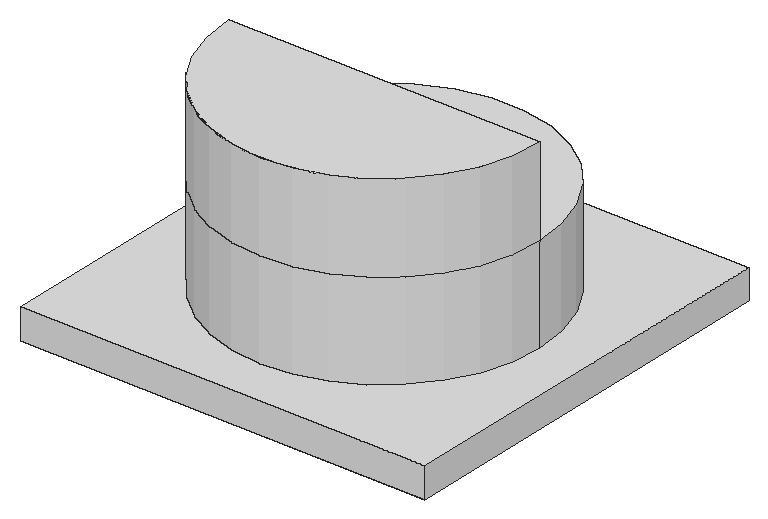
Revit family "OmniLED R NM ST LED 230V 1t (takmontasje)", category Lighting Fixtures, Revit 2013
Parameters (values of type "Type 1")
  Wattage = 9.2903 W
  built-in parameter 1150110 = 1 (stored number, unit not read)
  built-in parameter 1114217 = 1 (stored number, unit not read)
  Tilt Angle = 90.00°
  built-in parameter 1150109 = 1 (stored number, unit not read)
  built-in parameter 1150134 = 3
  built-in parameter 1150113 = 1 (stored number, unit not read)
  Photometric Web File = "2x4 3Lamp.ies"
  Number of Poles = 1
  Symbol Positive Direction [instance] = yes
  built-in parameter 1150105 = 109.82 (stored number, unit not read)
  Lumens = 1380 lm
  built-in parameter 1150115 = 1 (stored number, unit not read)
  built-in parameter 1150137 = (empty or 0)
  built-in parameter 1150139 = (empty or 0)
  built-in parameter 1150112 = 1 (stored number, unit not read)
  built-in parameter 1150114 = 1 (stored number, unit not read)
  built-in parameter 1150132 = (empty or 0)
  built-in parameter 1150102 = (empty or 0)
  built-in parameter 1150107 = 3200 (stored number, unit not read)
  built-in parameter 1150138 = (empty or 0)
  built-in parameter 1150106 = 1.0982 (stored number, unit not read)
  Height 2 = 35 mm
  Height 1 = 38 mm
  Height = 22 mm
  Voltage = 230 V
  Symbol Offset Side [instance] = 0 mm
  Symbol Offset Out [instance] = 0 mm
  Material = Plastic - White
  Loads [instance] = 0 VA
  Length B = 160 mm
  Length A = 160 mm
  Glass Material = Plastic - Glass
  Emit from Rectangle Width = Length B  # 160 mm
  Emit from Rectangle Length = Length A  # 160 mm
  Emit Shape Visible in Rendering = no
  built-in parameter 1150104 = 13.8 (stored number, unit not read)
  Dimming Lamp Color Temperature Shift = <None>
  Diameter = 123 mm
  Color Filter = 16777215
  built-in parameter 1114218 = 1 (stored number, unit not read)
  built-in parameter 1150133 = 10 (stored number, unit not read)
Reference planes
  plane 1 "Light Source Axis (F/B)": y = 0
  plane 2: z = 0
  plane 3 "Light Source Axis (L/R)": x = 0
  plane 4 "Light Source Elevation": z = 0
  plane 5: z = -22
  plane 6: z = -19
  plane 7: z = -12
  plane 8: y = 80
  plane 9: x = 80
  plane 10: y = -80
  plane 11: x = -80
  plane 12: y = 15
  plane 13: x = 15
  plane 14: y = -15
  plane 15: x = -15
  plane 16: z = 38
  plane 17: z = 73
Forms (mm)
  Extrusion 1, solid, material "Plastic - White" <- "Material"
    sketch origin (0, 0, 0) x (1, 0, 0) y (0, 1, 0)
      loop
        line (-80, 80) -> (-80, -80) -> (80, -80) -> (80, 80) -> (-80, 80)
    from 0 to -12
  Blend 2, solid, material "Plastic - White" <- "Material"
    base sketch origin (0, 0, 0) x (1, 0, 0) y (0, 1, 0)
      loop
        line (-80, 80) -> (-80, -80) -> (80, -80) -> (80, 80) -> (-80, 80)
    top sketch origin (0, 0, 0) x (1, 0, 0) y (0, 1, 0)
      loop
        line (-15, 15) -> (-15, -15) -> (15, -15) -> (15, 15) -> (-15, 15)
    from -12 to -19
  Revolve 3, solid, material "Plastic - Glass" <- "Glass Material"
    sketch origin (0, 0, 0) x (1, 0, 0) y (0, 0, 1)
      loop
        line (0, -19) -> (0, -22) -> (0.8, -22)
        arc (0.8, -22) -> (2.993, -21.133) -> (4, -19) r 3.207
        line (4, -19) -> (0, -19)
      axis (0, -19) -> (0, -22)
    angle from 0 to 360
  Extrusion 4, solid, material "Plastic - White" <- "Material"
    sketch origin (0, 0, 0) x (1, 0, 0) y (0, 1, 0)
      loop
        circle (0, 0) r 61.5
    from 0 to 38
  Extrusion 5, solid, material "Plastic - White" <- "Material"
    sketch origin (0, 0, 0) x (1, 0, 0) y (0, 1, 0)
      loop
        arc (-61.5, 0) -> (0, -61.5) -> (61.5, 0) r 61.5
        line (61.5, 0) -> (-61.5, 0)
    from 38 to 73
Cuts and joins
  joined: Extrusion 4, Extrusion 5
Lines and regions (mm)
  model lines, style "InvisibleLines"
    curve 1: line (0, 0, 0) -> (0, 0, -19)
Dimensions and locks
  plane 4 "Light Source Elevation" to plane 2 = 0 mm
  "Height": plane 4 "Light Source Elevation" to plane 5
  locked: plane 6 to plane 5 at 3
  locked: plane 7 to plane 5 at 10
  equal spacing: plane 11, plane 3 "Light Source Axis (L/R)", plane 9
  equal spacing: plane 8, plane 1 "Light Source Axis (F/B)", plane 10
  "Length A": plane 11 to plane 9
  "Length B": plane 8 to plane 10
  plane 12 to plane 1 "Light Source Axis (F/B)" to plane 14 = 15 mm locked, 15 mm locked
  plane 15 to plane 3 "Light Source Axis (L/R)" to plane 13 = 15 mm locked, 15 mm locked
  "Height 1": plane 16 to plane 4 "Light Source Elevation"
  "Height 2": plane 17 to plane 16
  "Diameter": diameter of Extrusion 4 sketch curve
  "Diameter": diameter of Extrusion 5 sketch curve
  aligned and locked: plane 2 to level
  aligned and locked: plane 1 "Light Source Axis (F/B)" to nested 1
  aligned and locked: plane 3 "Light Source Axis (L/R)" to nested 1
  aligned and locked: Extrusion 1 sketch curve to plane 8
  aligned and locked: plane 11 to Extrusion 1 sketch curve
  aligned and locked: plane 10 to Extrusion 1 sketch curve
  aligned and locked: Extrusion 1 sketch curve to plane 9
  aligned and locked: Extrusion 1 to plane 7
  aligned and locked: Extrusion 1 to plane 4 "Light Source Elevation"
  aligned and locked: Blend 2 sketch curve to plane 8
  aligned and locked: plane 11 to Blend 2 sketch curve
  aligned and locked: plane 10 to Blend 2 sketch curve
  aligned and locked: Blend 2 sketch curve to plane 9
  aligned and locked: Blend 2 sketch curve to plane 12
  aligned and locked: plane 15 to Blend 2 sketch curve
  aligned and locked: Blend 2 sketch curve to plane 14
  aligned and locked: Blend 2 sketch curve to plane 13
  aligned and locked: plane 7 to Blend 2
  aligned and locked: Revolve 3 sketch curve to plane 3 "Light Source Axis (L/R)"  (x2)
  aligned and locked: Revolve 3 sketch curve to plane 6
  aligned and locked: Revolve 3 sketch curve to plane 5
  aligned and locked: imposter light to plane 3 "Light Source Axis (L/R)"
  aligned and locked: imposter light to plane 5
  aligned and locked: imposter light to plane 1 "Light Source Axis (F/B)"
  aligned and locked: Blend 2 to plane 6
  aligned and locked: plane 3 "Light Source Axis (L/R)" to Extrusion 4 sketch curve
  aligned and locked: plane 1 "Light Source Axis (F/B)" to Extrusion 4 sketch curve
  aligned and locked: plane 16 to Extrusion 4
  aligned and locked: plane 4 "Light Source Elevation" to Extrusion 4
  aligned and locked: plane 3 "Light Source Axis (L/R)" to Extrusion 5 sketch curve
  aligned and locked: plane 1 "Light Source Axis (F/B)" to Extrusion 5 sketch curve  (x2)
  aligned and locked: plane 17 to Extrusion 5
  aligned and locked: Extrusion 5 to plane 16
Automatic sketch dimensions
  plane 6 to Revolve 3 sketch curve = 0.207 mm
  plane 3 "Light Source Axis (L/R)" to Revolve 3 sketch curve = 0.8 mm
  Revolve 3 sketch curve to plane 5 = 256.8 mm
  level to Revolve 3 sketch curve = 2366.751 mm
  curve 1 to level = 0 mm
  curve 1 to plane 6 = 0 mm
  curve 1 to plane 3 "Light Source Axis (L/R)" = 0 mm
Nested families
  nested 1: "LedelysS" at (0, 0, 0), type "Type 1"
Connectors
  electrical at (0, 0, 0), driven by "Voltage", driven by "Loads", driven by "Number of Poles", driven by "Loads"
    settings: on plane 4 "Light Source Elevation", index 1, voltage 230 V, apparent load 0 VA, apparent load phase1 0 VA, apparent load phase2 0 VA, apparent load phase3 0 VA, power factor 1, load classification "Lighting", number of poles 1, system type 30, power factor state 1, is connector primary yes, connector utility no, sub classification motor no, connector description ""
Definition of nested family "LedelysS"
  Parameters (values of type "Type 1")
    CQ Symbol Positive Direction = yes
    CQ Symbol Negative Direction = not(CQ Symbol Positive Direction)  # no
    CQ Symbol Offset Side = 0 mm
    CQ Symbol Offset Out = 0 mm
  Reference planes
    plane 1: y = 0
    plane 2: x = 0
  Dimensions and locks
    "CQ Symbol Offset Out": plane 1 to nested 1
    "CQ Symbol Offset Out": plane 1 to nested 2
    "CQ Symbol Offset Side": plane 2 to nested 2
    "CQ Symbol Offset Side": nested 1 to plane 2
  Nested families
    nested 1: "LedelysSub" at (0, 0, 0), visible <- "CQ Symbol Negative Direction", type "Type 1"
    nested 2: "LedelysSub" at (0, 0, 0), visible <- "CQ Symbol Positive Direction", type "Type 1"
  Definition of nested family "LedelysSub"
    Reference planes
      plane 1: y = 0
      plane 2: x = 0
    Lines and regions (mm)
      detail lines
        curve 1: line (-4, -2, 0) -> (4, -2, 0)
        curve 2: line (4, -2, 0) -> (4, 2, 0)
        curve 3: line (4, 2, 0) -> (-4, 2, 0)
        curve 4: line (-4, 2, 0) -> (-4, -2, 0)
        curve 5: line (-3.097, -1.25, 0) -> (-0.597, 1.25, 0)
        curve 6: line (-3.097, 1.25, 0) -> (-0.597, -1.25, 0)
        curve 7: circle (-1.847, 0, 0) r 1.2 normal (0, 0, 1)
    Text (mm)
      text "LL" at (2.179, 1.025, 0)
